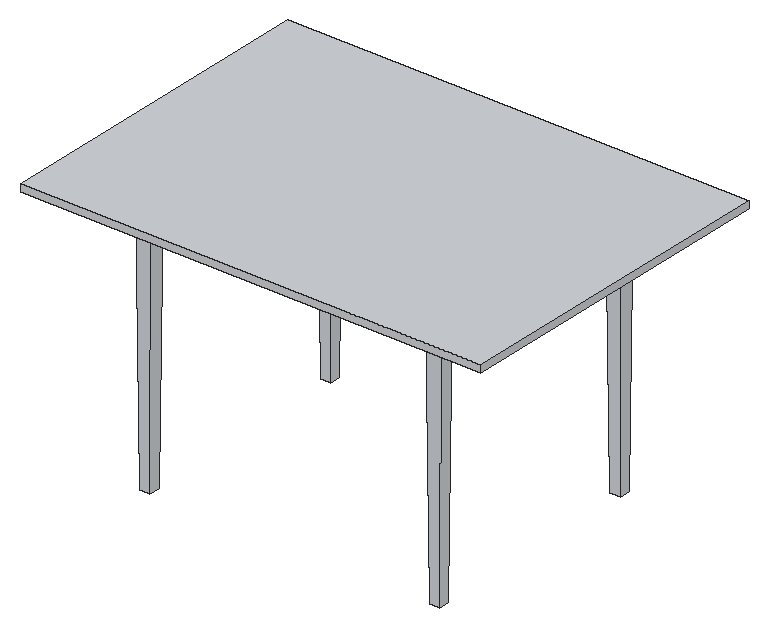
Revit family
Parameters (values of type "Open - 1240 x 900mm")
  Width = 1240 mm
  Material = none
  Manufacturer = "Revit"
  Depth = 900 mm
Types (3, lengths in mm): name | Width | Depth
  (no name) | 1240 | 900
  Closed - 900 x 660mm | 900 | 660
  Open - 1240 x 900mm | 1240 | 900
Reference planes
  plane 1 "Centro A/I": y = 0
  plane 2: z = 0
  plane 3 "Centro S/D": x = 0
  plane 4: x = -620
  plane 5: x = 620
  plane 6: y = 450
  plane 7: y = -450
Forms (mm)
  Extrusion 1, solid, material <- "Material"
    sketch origin (73.728, -257.654, 0) x (1, 0, 0) y (0, 1, 0)
      loop
        line (-693.728, 707.654) -> (-693.728, -192.346) -> (546.272, -192.346) -> (546.272, 707.654) -> (-693.728, 707.654)
    from 700 to 720
  Blend 2, solid, material <- "Material"
    base sketch origin (80.353, -24.794, 0) x (1, 0, 0) y (0, 1, 0)
      loop
        line (-484.378, 342.794) -> (-484.378, 314.794) -> (-456.378, 314.794) -> (-456.378, 342.794) -> (-484.378, 342.794)
    top sketch origin (80.353, -24.794, 0) x (1, 0, 0) y (0, 1, 0)
      loop
        line (-490.353, 348.794) -> (-490.353, 308.794) -> (-450.353, 308.794) -> (-450.353, 348.794) -> (-490.353, 348.794)
    from 0 to 700
  Blend 3, solid, material <- "Material"
    base sketch origin (-80.353, -24.794, 0) x (-1, 0, 0) y (0, -1, 0)
      loop
        line (-484.378, -342.794) -> (-456.378, -342.794) -> (-456.378, -314.794) -> (-484.378, -314.794) -> (-484.378, -342.794)
    top sketch origin (-80.353, -24.794, 0) x (-1, 0, 0) y (0, -1, 0)
      loop
        line (-490.353, -348.794) -> (-450.353, -348.794) -> (-450.353, -308.794) -> (-490.353, -308.794) -> (-490.353, -348.794)
    from 0 to 700
  Blend 4, solid, material <- "Material"
    base sketch origin (80.353, 24.794, 0) x (1, 0, 0) y (0, 1, 0)
      loop
        line (-484.378, -342.794) -> (-456.378, -342.794) -> (-456.378, -314.794) -> (-484.378, -314.794) -> (-484.378, -342.794)
    top sketch origin (80.353, 24.794, 0) x (1, 0, 0) y (0, 1, 0)
      loop
        line (-490.353, -348.794) -> (-450.353, -348.794) -> (-450.353, -308.794) -> (-490.353, -308.794) -> (-490.353, -348.794)
    from 0 to 700
  Blend 5, solid, material <- "Material"
    base sketch origin (-80.353, 24.794, 0) x (-1, 0, 0) y (0, -1, 0)
      loop
        line (-484.378, 342.794) -> (-484.378, 314.794) -> (-456.378, 314.794) -> (-456.378, 342.794) -> (-484.378, 342.794)
    top sketch origin (-80.353, 24.794, 0) x (-1, 0, 0) y (0, -1, 0)
      loop
        line (-490.353, 348.794) -> (-490.353, 308.794) -> (-450.353, 308.794) -> (-450.353, 348.794) -> (-490.353, 348.794)
    from 0 to 700
  Extrusion 6, solid, material <- "Material"
    sketch origin (0, 0, 0) x (1, 0, 0) y (0, 1, 0)
      loop
        line (-370, 311.118) -> (-370, 296.118) -> (370, 296.118) -> (370, 311.118) -> (-370, 311.118)
    from 640 to 700
  Extrusion 7, solid, material <- "Material"
    sketch origin (0, 0, 0) x (1, 0, 0) y (0, 1, 0)
      loop
        line (-370, -311.118) -> (370, -311.118) -> (370, -296.118) -> (-370, -296.118) -> (-370, -311.118)
    from 640 to 700
  Extrusion 8, solid, material <- "Material"
    sketch origin (-698.618, -86, 0) x (0, 1, 0) y (-1, 0, 0)
      loop
        line (-197.021, -311.118) -> (370, -311.118) -> (370, -296.118) -> (-197.021, -296.118) -> (-197.021, -311.118)
    from 640 to 700
  Extrusion 9, solid, material <- "Material"
    sketch origin (698.618, -86, 0) x (0, 1, 0) y (-1, 0, 0)
      loop
        line (-197.021, 311.118) -> (-197.021, 296.118) -> (370, 296.118) -> (370, 311.118) -> (-197.021, 311.118)
    from 640 to 700
Lines and regions (mm)
  symbolic lines
    curve 1: line (-620, 450, 0) -> (620, 450, 0)
    curve 2: line (-620, -450, 0) -> (-620, 450, 0)
    curve 3: line (620, -450, 0) -> (-620, -450, 0)
    curve 4: line (620, 450, 0) -> (620, -450, 0)
Dimensions and locks
  "Width": plane 4 to plane 5
  equal spacing: plane 4, plane 3 "Centro S/D", plane 5
  equal spacing: plane 7, plane 1 "Centro A/I", plane 6
  "Depth": plane 7 to plane 6
  aligned and locked: plane 4 to Extrusion 1 sketch curve
  aligned and locked: plane 5 to Extrusion 1 sketch curve
  aligned and locked: plane 6 to Extrusion 1 sketch curve
  aligned and locked: plane 7 to Extrusion 1 sketch curve
  aligned and locked: curve 1 to Extrusion 1  (x2)
  aligned and locked: Extrusion 1 to curve 4
  aligned and locked: curve 4 to Extrusion 1
Automatic sketch dimensions
  Blend 2 sketch curve to plane 3 "Centro S/D" = 404.025 mm
  Blend 2 sketch curve to Blend 2 sketch curve = 28 mm  (x2)
  Blend 2 sketch curve to plane 1 "Centro A/I" = 290 mm
  Blend 2 sketch curve to plane 3 "Centro S/D" = 410 mm
  Blend 2 sketch curve to Blend 2 sketch curve = 40 mm  (x2)
  Blend 2 sketch curve to plane 1 "Centro A/I" = 284 mm
  plane 3 "Centro S/D" to Blend 3 sketch curve = 404.025 mm
  Blend 3 sketch curve to Blend 3 sketch curve = 28 mm  (x2)
  Blend 3 sketch curve to plane 1 "Centro A/I" = 318 mm
  plane 3 "Centro S/D" to Blend 3 sketch curve = 410 mm
  Blend 3 sketch curve to Blend 3 sketch curve = 40 mm  (x2)
  Blend 3 sketch curve to plane 1 "Centro A/I" = 324 mm
  Blend 4 sketch curve to plane 3 "Centro S/D" = 404.025 mm
  Blend 4 sketch curve to Blend 4 sketch curve = 28 mm  (x2)
  plane 1 "Centro A/I" to Blend 4 sketch curve = 318 mm
  Blend 4 sketch curve to plane 3 "Centro S/D" = 410 mm
  Blend 4 sketch curve to Blend 4 sketch curve = 40 mm  (x2)
  plane 1 "Centro A/I" to Blend 4 sketch curve = 324 mm
  plane 3 "Centro S/D" to Blend 5 sketch curve = 404.025 mm
  Blend 5 sketch curve to Blend 5 sketch curve = 28 mm  (x2)
  plane 1 "Centro A/I" to Blend 5 sketch curve = 290 mm
  plane 3 "Centro S/D" to Blend 5 sketch curve = 410 mm
  Blend 5 sketch curve to Blend 5 sketch curve = 40 mm  (x2)
  plane 1 "Centro A/I" to Blend 5 sketch curve = 284 mm
  Extrusion 6 sketch curve to plane 3 "Centro S/D" = 370 mm
  plane 3 "Centro S/D" to Extrusion 6 sketch curve = 370 mm
  Extrusion 6 sketch curve to plane 1 "Centro A/I" = 296.118 mm
  Extrusion 6 sketch curve to Extrusion 6 sketch curve = 15 mm
  Extrusion 7 sketch curve to plane 3 "Centro S/D" = 370 mm
  plane 3 "Centro S/D" to Extrusion 7 sketch curve = 370 mm
  plane 1 "Centro A/I" to Extrusion 7 sketch curve = 311.118 mm
  Extrusion 7 sketch curve to Extrusion 7 sketch curve = 15 mm
  plane 1 "Centro A/I" to Extrusion 8 sketch curve = 283.021 mm
  Extrusion 8 sketch curve to plane 1 "Centro A/I" = 284 mm
  Extrusion 8 sketch curve to plane 3 "Centro S/D" = 387.5 mm
  Extrusion 8 sketch curve to Extrusion 8 sketch curve = 15 mm
  plane 1 "Centro A/I" to Extrusion 9 sketch curve = 283.021 mm
  Extrusion 9 sketch curve to plane 1 "Centro A/I" = 284 mm
  plane 3 "Centro S/D" to Extrusion 9 sketch curve = 402.5 mm
  Extrusion 9 sketch curve to Extrusion 9 sketch curve = 15 mm
